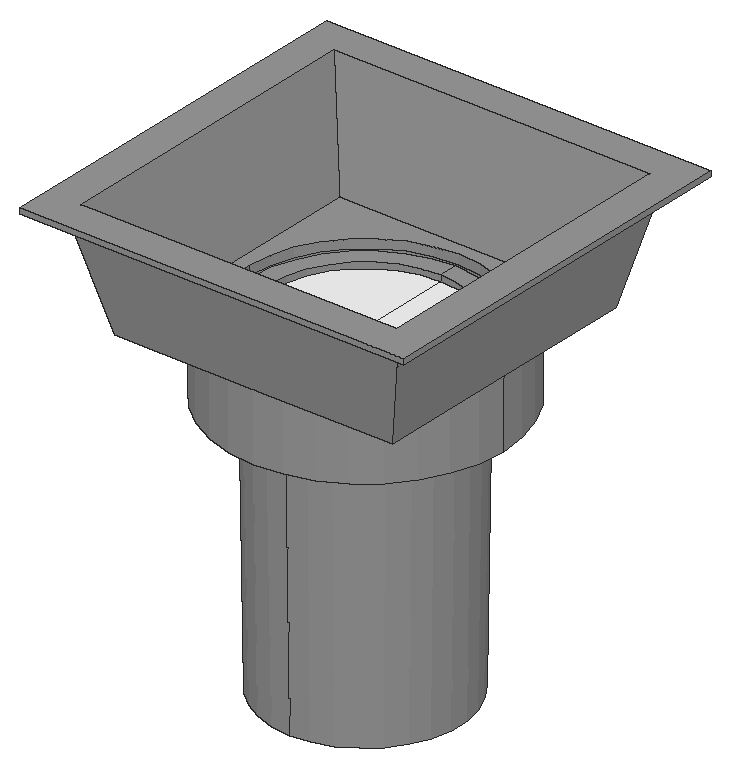
Revit family "0005319", category Lighting Fixtures, host Face, Revit 2017
Family settings
  Host = Face
  Round Connector Dimension = Use Diameter
  Part Type = Normal
  OmniClass Number = 23.80.70.00
  OmniClass Title = Lighting
  Cut with Voids When Loaded = No
  Light Source = No
  Shared = No
  Room Calculation Point = No
Parameters (values of type "0005319+0005306 Ludospot 50 Hous Sqr Deco 85 Tilt BLK+ Ludospot 50 940lm 940 WB DIM")
  Weight = "n/a"
  Wattage Comments = ""
  WarrantyStartDate [instance] = "n/a"
  WarrantyGuarantorParts = "n/a"
  WarrantyDurationUnit = "n/a"
  WarrantyDurationParts = "n/a"
  WarrantyDescription = "n/a"
  Voltage = 0 V
  URL = "http://www.sylvania-lighting.com"
  TypeName = "Ludospot 50 Hous Sqr Deco 85 Tilt BLK + Ludospot 50 940lm 940 WB DIM"
  TypeLamp_SYL = Ludospot 50 Modules : 0005306 Ludospot 50 940lm 940 WB DIM
  Type Image = <None>
  Type Comments = "n/a"
  SerialNumber [instance] = "n/a"
  RecessWidth_SYL = 75 mm
  Material_3_SYL = none
  PowerFactor = 0
  PowerConsumption = "n/a"
  NominalLength = 85 mm
  NominalHeight = 0 mm
  NominalDepth = 85 mm
  Name = "Ludospot 50 Hous Sqr Deco 85 Tilt BLK + Ludospot 50 940lm 940 WB DIM"
  ModelReference = Name  # "Ludospot 50 Hous Sqr Deco 85 Tilt BLK + Ludospot 50 940lm 940 WB DIM"
  ModelNumber = "0005319+0005306"
  Model = Name  # "Ludospot 50 Hous Sqr Deco 85 Tilt BLK + Ludospot 50 940lm 940 WB DIM"
  Material = "aluminium housing"
  ManufacturerName = "Feilo Sylvania"
  Manufacturer = "Feilo Sylvania"
  LuminousEfficacy = "n/a"
  LuminaireType = ""
  LightOutputRatio = "n/a"
  LampsType = Lamp  # "LED"
  LampNominalLuminous = "n/a"
  LampMacAdamStep = "n/a"
  LampColourTemperature = "n/a"
  LampColourRenderingIndex = "n/a"
  Lamp = "LED"
  Keynote = "16500"
  InstallationDate [instance] = "n/a"
  InputVoltage = "n/a"
  InputNominalFrequency = "n/a"
  IngressProtection = "IP20"
  ImpactProtectionIndex = "IK03"
  IfcExportType = "IfcLightFixtureType"
  IfcExportAs = "IfcLightFixtureType"
  VerticalRotation_SYL [instance] = 0.00°
  EndAngleV_SYL [instance] = VerticalRotation_SYL + 180.00°  # 180.00°
  ElectricShockClassification = "n/a"
  DocumentationLiterature = "http://www.sylvania-lighting.com/product/en-int/products/0005319"
  DimmingControlOptions = "n/a"
  Material_2_SYL = Plastic, Opaque Black
  Description = ""
  Default Elevation = 1219.2 mm
  CreatedOn = "7/29/2019"
  CreatedBy = "@sylvania-lighting.com"
  Cost = 0
  built-in parameter 1114216 [instance] = (empty or 0)
  ClassificationValue = "EF_70_80"
  ClassificationName = "Uniclass2015"
  Material_1_SYL = PC/ABS Plastic
  BarCode [instance] = "n/a"
  AssetType = "Fixed"
  AssetIdentifier [instance] = "n/a"
  Assembly Code = "D5020200"
  Apparent Load = 0 VA
  Material_4_SYL = none
Types (6, lengths in mm): name | TypeName | TypeLamp_SYL | Name | ModelReference | ModelNumber | Model
  0005319+0005306 Ludospot 50 Hous Sqr Deco 85 Tilt BLK+ Ludospot 50 940lm 940 WB DIM | "Ludospot 50 Hous Sqr Deco 85 Tilt BLK + Ludospot 50 940lm 940 WB DIM" | Ludospot 50 Modules : 0005306 Ludospot 50 940lm 940 WB DIM | "Ludospot 50 Hous Sqr Deco 85 Tilt BLK + Ludospot 50 940lm 940 WB DIM" | "Ludospot 50 Hous Sqr Deco 85 Tilt BLK + Ludospot 50 940lm 940 WB DIM" | "0005319+0005306" | "Ludospot 50 Hous Sqr Deco 85 Tilt BLK + Ludospot 50 940lm 940 WB DIM"
  0005319+0005305 Ludospot 50 Hous Sqr Deco 85 Tilt BLK+ Ludospot 50 920lm 930 WB DIM | "Ludospot 50 Hous Sqr Deco 85 Tilt BLK + Ludospot 50 920lm 930 WB DIM" | Ludospot 50 Modules : 0005305 Ludospot 50 920lm 940 WB DIM | "Ludospot 50 Hous Sqr Deco 85 Tilt BLK + Ludospot 50 920lm 930 WB DIM" | "Ludospot 50 Hous Sqr Deco 85 Tilt BLK + Ludospot 50 920lm 930 WB DIM" | "0005319+0005305" | "Ludospot 50 Hous Sqr Deco 85 Tilt BLK + Ludospot 50 920lm 930 WB DIM"
  0005319+0005304 Ludospot 50 Hous Sqr Deco 85 Tilt BLK+ Ludospot 50 1000lm 940 MB DIM | "Ludospot 50 Hous Sqr Deco 85 Tilt BLK + Ludospot 50 1000lm 940 MB DIM" | Ludospot 50 Modules : 0005304 Ludospot 50 1000lm 940 MB DIM | "Ludospot 50 Hous Sqr Deco 85 Tilt BLK + Ludospot 50 1000lm 940 MB DIM" | "Ludospot 50 Hous Sqr Deco 85 Tilt BLK + Ludospot 50 1000lm 940 MB DIM" | "0005319+0005304" | "Ludospot 50 Hous Sqr Deco 85 Tilt BLK + Ludospot 50 1000lm 940 MB DIM"
  0005319+0005303 Ludospot 50 Hous Sqr Deco 85 Tilt BLK+ Ludospot 50 950lm 930 MB DIM | "Ludospot 50 Hous Sqr Deco 85 Tilt BLK + Ludospot 50 950lm 930 MB DIM" | Ludospot 50 Modules : 0005303 Ludospot 50 950lm 930 MB DIM | "Ludospot 50 Hous Sqr Deco 85 Tilt BLK + Ludospot 50 950lm 930 MB DIM" | "Ludospot 50 Hous Sqr Deco 85 Tilt BLK + Ludospot 50 950lm 930 MB DIM" | "0005319+0005303" | "Ludospot 50 Hous Sqr Deco 85 Tilt BLK + Ludospot 50 950lm 930 MB DIM"
  0005319+0005302 Ludospot 50 Hous Sqr Deco 85 Tilt BLK+ Ludospot 50 990lm 940 NB DIM | "Ludospot 50 Hous Sqr Deco 85 Tilt BLK + Ludospot 50 990lm 940 NB DIM" | Ludospot 50 Modules : 0005302 Ludospot 50 990lm 930 NB DIM | "Ludospot 50 Hous Sqr Deco 85 Tilt BLK + Ludospot 50 990lm 940 NB DIM" | "Ludospot 50 Hous Sqr Deco 85 Tilt BLK + Ludospot 50 990lm 940 NB DIM" | "0005319+0005302" | "Ludospot 50 Hous Sqr Deco 85 Tilt BLK + Ludospot 50 990lm 940 NB DIM"
  0005319+0005301 Ludospot 50 Hous Sqr Deco 85 Tilt BLK+ Ludospot 50 950lm 930 NB DIM | "Ludospot 50 Hous Sqr Deco 85 Tilt BLK + Ludospot 50 950lm 930 NB DIM" | Ludospot 50 Modules : 0005301 Ludospot 50 950lm 930 NB DIM | "Ludospot 50 Hous Sqr Deco 85 Tilt BLK + Ludospot 50 950lm 930 NB DIM" | "Ludospot 50 Hous Sqr Deco 85 Tilt BLK + Ludospot 50 950lm 930 NB DIM" | "0005319+0005301" | "Ludospot 50 Hous Sqr Deco 85 Tilt BLK + Ludospot 50 950lm 930 NB DIM"
Reference planes
  plane 1 "Center (Front/Back)": y = 0
  plane 2: z = 0
  plane 3 "Center (Left/Right)": x = 0
  plane 4: z = -150
  plane 5: z = 0
  plane 6: z = -400
  plane 7: y = 42.5
  plane 8: y = -42.5
  plane 9: x = -42.5
  plane 10: x = 42.5
  plane 11: z = 1.2
  plane 12: y = 35
  plane 13: y = -35
  plane 14: x = -35
  plane 15: x = 35
  plane 16: y = 35
  plane 17: y = 28.8
  plane 18: y = -28.8
  plane 19: x = -28.8
  plane 20: x = 28.8
  plane 21: z = -23
  plane 22: y = 36.9
  plane 23: y = -36.9
  plane 24: x = -36.9
  plane 25: x = 36.9
  plane 26: x = 30.8
  plane 27: x = -30.8
  plane 28: y = 30.8
  plane 29: y = -30.8
  plane 30: z = -25
  plane 31: z = -40
  plane 32: x = -25.8
Forms (mm)
  Extrusion 1, void
    sketch origin (1223.4, -4572, -87.5) x (0, -1, 0) y (1, 0, 0)
      loop
        line (-4609.5, -1260.9) -> (-4534.5, -1260.9) -> (-4534.5, -1185.9) -> (-4609.5, -1185.9) -> (-4609.5, -1260.9)
    from 87.5 to -62.5
  Extrusion 2, solid, material "PC/ABS Plastic" <- "Material_1_SYL"
    sketch origin (0, 0, 0) x (1, 0, 0) y (0, 1, 0)
      loop
        line (-42.5, 42.5) -> (-42.5, -42.5) -> (42.5, -42.5) -> (42.5, 42.5) -> (-42.5, 42.5)
    from 0 to 1.2
  Blend 3, solid, material "PC/ABS Plastic" <- "Material_1_SYL"
    base sketch origin (1223.4, -4572, 2.5) x (0, -1, 0) y (1, 0, 0)
      loop
        line (-4608.9, -1260.3) -> (-4535.1, -1260.3) -> (-4535.1, -1186.5) -> (-4608.9, -1186.5) -> (-4608.9, -1260.3)
    top sketch origin (1223.4, -4572, 2.5) x (0, -1, 0) y (1, 0, 0)
      loop
        line (-4602.8, -1254.2) -> (-4541.2, -1254.2) -> (-4541.2, -1192.6) -> (-4602.8, -1192.6) -> (-4602.8, -1254.2)
    from -2.5 to -27.5
  Blend 4, void
    base sketch origin (178.584, -4572, 1.2) x (-1, 0, 0) y (0, -1, 0)
      loop
        line (213.584, -4607) -> (213.584, -4537) -> (143.584, -4537) -> (143.584, -4607) -> (213.584, -4607)
    top sketch origin (178.584, -4572, 1.2) x (-1, 0, 0) y (0, -1, 0)
      loop
        line (207.384, -4600.8) -> (207.384, -4543.2) -> (149.784, -4543.2) -> (149.784, -4600.8) -> (207.384, -4600.8)
    from 0 to -24.2
  Revolve 5, solid, material "PC/ABS Plastic" <- "Material_1_SYL"
    sketch origin (0, 0, 0) x (1, 0, 0) y (0, 0, 1)
      loop
        line (-28.8, -40) -> (-28.8, -25) -> (-30.8, -25) -> (-30.8, -40) -> (-28.8, -40)
      axis (0, -25) -> (0, -40)
    angle from 360 to 0
  Revolve 6, void
    sketch origin (0, 0, 0) x (1, 0, 0) y (0, 0, 1)
      loop
        line (0, -25) -> (0, -23) -> (-25.8, -23) -> (-25.8, -25) -> (0, -25)
      axis (0, -23) -> (0, -25)
    angle from 360 to 0
  Revolve 7, solid, not visible
    sketch origin (178.584, -4572, -25) x (0, -1, 0) y (1, 0, 0)
      loop
        line (-4572, -178.584) -> (-4582, -178.584) -> (-4582, -183.584) -> (-4572, -183.584) -> (-4572, -178.584)
      axis (-4582, -178.584) -> (-4572, -178.584)
    angle from 0 <- "VerticalRotation_SYL" to 180 <- "EndAngleV_SYL"
Cuts and joins
  Blend 4, Revolve 6 cuts Extrusion 2
  Blend 4, Revolve 6 cuts Blend 3
  joined: Extrusion 2, Blend 3, Revolve 5
Lines and regions (mm)
  reference lines
    curve 1: line (37.5, -37.5, 2.5) -> (-37.5, -37.5, 2.5)
    curve 2: line (-37.5, -37.5, 2.5) -> (-37.5, 37.5, 2.5)
    curve 3: line (-37.5, 37.5, 2.5) -> (37.5, 37.5, 2.5)
    curve 4: line (37.5, 37.5, 2.5) -> (37.5, -37.5, 2.5)
Dimensions and locks
  equal spacing: host sketch curve, plane 1 "Center (Front/Back)", host sketch curve
  equal spacing: host sketch curve, plane 3 "Center (Left/Right)", host sketch curve
  equal spacing: curve 2, plane 3 "Center (Left/Right)", curve 4
  equal spacing: curve 1, plane 1 "Center (Front/Back)", curve 3
  "RecessWidth_SYL": curve 2 to curve 4
  "RecessWidth_SYL": curve 1 to curve 3
  locked: plane 2 to plane 4 at 150
  equal spacing: plane 9, plane 3 "Center (Left/Right)", plane 10
  locked: plane 9 to plane 10 at 85
  equal spacing: plane 8, plane 1 "Center (Front/Back)", plane 7
  locked: plane 8 to plane 7 at 85
  locked: plane 11 to plane 5 at 1.2
  equal spacing: plane 19, plane 3 "Center (Left/Right)", plane 20
  locked: plane 19 to plane 20 at 57.6
  equal spacing: plane 18, plane 1 "Center (Front/Back)", plane 17
  locked: plane 18 to plane 17 at 57.6
  locked: plane 11 to plane 21 at 24.2
  equal spacing: plane 23, plane 1 "Center (Front/Back)", plane 22
  locked: plane 23 to plane 22 at 73.8
  equal spacing: plane 24, plane 3 "Center (Left/Right)", plane 25
  locked: plane 24 to plane 25 at 73.8
  equal spacing: plane 14, plane 3 "Center (Left/Right)", plane 15
  locked: plane 14 to plane 15 at 70
  equal spacing: plane 13, plane 1 "Center (Front/Back)", plane 16
  locked: plane 13 to plane 16 at 70
  equal spacing: plane 27, plane 3 "Center (Left/Right)", plane 26
  locked: plane 27 to plane 26 at 61.6
  equal spacing: plane 29, plane 1 "Center (Front/Back)", plane 28
  locked: plane 29 to plane 28 at 61.6
  locked: plane 11 to plane 30 at 26.2
  locked: plane 30 to plane 31 at 15
  locked: plane 32 to plane 19 at 3
  aligned and locked: plane 2 to host face
  aligned and locked: level to host face
  aligned and locked: Extrusion 1 sketch curve to curve 3
  aligned and locked: Extrusion 1 sketch curve to curve 4
  aligned and locked: Extrusion 1 sketch curve to curve 1
  aligned and locked: Extrusion 1 sketch curve to curve 2
  aligned and locked: level to Extrusion 1
  aligned and locked: plane 4 to Extrusion 1
  aligned and locked: Extrusion 2 sketch curve to plane 7
  aligned and locked: Extrusion 2 sketch curve to plane 9
  aligned and locked: plane 8 to Extrusion 2 sketch curve
  aligned and locked: plane 10 to Extrusion 2 sketch curve
  aligned and locked: Extrusion 2 to plane 11
  aligned and locked: Extrusion 2 to level
  aligned and locked: Blend 3 sketch curve to plane 22
  aligned and locked: Blend 3 sketch curve to plane 24
  aligned and locked: plane 23 to Blend 3 sketch curve
  aligned and locked: plane 25 to Blend 3 sketch curve
  aligned and locked: Blend 3 sketch curve to plane 28
  aligned and locked: plane 29 to Blend 3 sketch curve
  aligned and locked: plane 27 to Blend 3 sketch curve
  aligned and locked: Blend 3 sketch curve to plane 26
  aligned and locked: level to Blend 3
  aligned and locked: plane 30 to Blend 3
  aligned and locked: plane 12 to Blend 4 sketch curve
  aligned and locked: plane 14 to Blend 4 sketch curve
  aligned and locked: Blend 4 sketch curve to plane 13
  aligned and locked: Blend 4 sketch curve to plane 15
  aligned and locked: plane 17 to Blend 4 sketch curve
  aligned and locked: plane 19 to Blend 4 sketch curve
  aligned and locked: Blend 4 sketch curve to plane 18
  aligned and locked: Blend 4 sketch curve to plane 20
  aligned and locked: plane 21 to Blend 4
  aligned and locked: Blend 4 to plane 11
  aligned and locked: Revolve 5 sketch curve to plane 3 "Center (Left/Right)"
  aligned and locked: Revolve 5 sketch curve to plane 31
  aligned and locked: Revolve 5 sketch curve to plane 19
  aligned and locked: Revolve 5 sketch curve to cut or joined group of Extrusion 2, Blend 3, Blend 4, Revolve 5, Revolve 6  (x2)
  aligned and locked: Revolve 6 sketch curve to plane 3 "Center (Left/Right)"  (x2)
  aligned and locked: Revolve 6 sketch curve to cut or joined group of Extrusion 2, Blend 3, Blend 4, Revolve 5, Revolve 6
  aligned and locked: plane 1 "Center (Front/Back)" to Revolve 7 sketch curve
  aligned and locked: plane 3 "Center (Left/Right)" to Revolve 7 sketch curve
  aligned and locked: Revolve 7 sketch curve to plane 3 "Center (Left/Right)"
  aligned and locked: plane 32 to Revolve 6 sketch curve
  aligned and locked: plane 1 "Center (Front/Back)" to nested 1
Automatic sketch dimensions
  plane 6 to Revolve 5 sketch curve = 209.6 mm
  Revolve 5 sketch curve to plane 11 = 2607.858 mm
  Revolve 7 sketch curve to plane 1 "Center (Front/Back)" = 10 mm
  Revolve 7 sketch curve to plane 3 "Center (Left/Right)" = 5 mm
  Revolve 7 sketch curve to plane 7 = 1481.5 mm
  plane 8 to Revolve 7 sketch curve = 1481.5 mm
  Revolve 6 sketch curve to plane 21 = 0 mm
  plane 6 to Revolve 6 sketch curve = 209.6 mm
  Revolve 6 sketch curve to plane 11 = 2607.858 mm
Nested families
  nested 1: "Ludospot 50 Modules" at (0, 0, -25) x (0, -1, 0) z (0, 0, 1), type <- "TypeLamp_SYL", type "0005306 Ludospot 50 940lm 940 WB DIM"
    with WarrantyStartDate "n/a", SerialNumber "n/a", InstallationDate "n/a", built-in parameter 1114216 (empty or 0), BarCode "n/a", AssetIdentifier "n/a"
Definition of nested family "Ludospot 50 Modules"
  Parameters (values of type "0005305 Ludospot 50 920lm 940 WB DIM")
    Weight = ""
    Wattage Comments = ""
    Wattage = 12 W
    WarrantyStartDate [instance] = "n/a"
    WarrantyGuarantorParts = "n/a"
    WarrantyDurationUnit = "n/a"
    WarrantyDurationParts = "n/a"
    WarrantyDescription = "n/a"
    built-in parameter 1150110 = 1 (stored number, unit not read)
    Voltage = 220 V
    URL = "http://www.sylvania-lighting.com"
    TypeName = "Ludospot 50 920lm 940 WB DIM"
    Type Image = (empty or 0)
    Type Comments = "n/a"
    built-in parameter 1114217 = 1 (stored number, unit not read)
    Tilt Angle = -90.00°
    built-in parameter 1150109 = 1 (stored number, unit not read)
    built-in parameter 1150134 = (empty or 0)
    built-in parameter 1150113 = 1 (stored number, unit not read)
    SerialNumber [instance] = "n/a"
    Photometric Web File = "0005305.ies"
    Material_3_SYL = none
    PowerFactor = 0.9
    PowerConsumption = "12 W"
    NominalLength = 50 mm
    NominalHeight = 73 mm
    NominalDepth = 50 mm
    Name = "0005305 Ludospot 50 920lm 940 WB DIM"
    ModelReference = Name  # "0005305 Ludospot 50 920lm 940 WB DIM"
    ModelNumber = "0005305"
    Model = Name  # "0005305 Ludospot 50 920lm 940 WB DIM"
    Material = "aluminium housing"
    ManufacturerName = "Feilo Sylvania"
    Manufacturer = "Feilo Sylvania"
    LuminousEfficacy = "77 lm/W"
    built-in parameter 1150105 = 73.53 (stored number, unit not read)
    Lumens = 924 lm
    LuminaireType = ""
    built-in parameter 1150115 = 1 (stored number, unit not read)
    LightOutputRatio = ""
    built-in parameter 1150137 = (empty or 0)
    built-in parameter 1150139 = (empty or 0)
    LampsType = Lamp  # "LED"
    LampNominalLuminous = "920 lm"
    LampMacAdamStep = "3"
    LampColourTemperature = "3000 K"
    LampColourRenderingIndex = "90"
    built-in parameter 1150112 = 1 (stored number, unit not read)
    built-in parameter 1150114 = 1 (stored number, unit not read)
    Lamp = "LED"
    Keynote = "16500"
    InstallationDate [instance] = "n/a"
    InputVoltage = "220-240 V AC"
    InputNominalFrequency = "50/60 HZ"
    built-in parameter 1150132 = (empty or 0)
    built-in parameter 1150102 = (empty or 0)
    built-in parameter 1150107 = 3000 (stored number, unit not read)
    built-in parameter 1150138 = (empty or 0)
    IngressProtection = "IP44/20"
    ImpactProtectionIndex = "IK03"
    built-in parameter 1150106 = 0.7353 (stored number, unit not read)
    IfcExportType = "IfcLightFixtureType"
    IfcExportAs = "IfcLightFixtureType"
    Emit from Circle Diameter = 40 mm
    Emit Shape Visible in Rendering = no
    ElectricShockClassification = "Class II"
    built-in parameter 1150104 = 7.1535 (stored number, unit not read)
    DocumentationLiterature = "https://www.sylvania-lighting.com/product/en-int/products/0005305/"
    DimmingControlOptions = "Mains: leading / trailing edge"
    Material_2_SYL = none
    Dimming Lamp Color Temperature Shift = (empty or 0)
    Description = ""
    Default Elevation = 1219.2 mm
    CreatedOn = ""
    CreatedBy = ""
    Cost = 0
    Color Filter = 16777215
    built-in parameter 1114216 [instance] = (empty or 0)
    ClassificationValue = "EF_70_80"
    ClassificationName = "Uniclass2015"
    Material_1_SYL = none
    BarCode [instance] = "n/a"
    built-in parameter 1114218 = 1 (stored number, unit not read)
    built-in parameter 1150133 = 10 (stored number, unit not read)
    AssetType = ""
    AssetIdentifier [instance] = "n/a"
    Assembly Code = "D5020200"
    Apparent Load = 12 VA
    Material_4_SYL = none
  Types (6, lengths in mm): name | TypeName | built-in parameter 1150134 | Photometric Web File | Name | ModelReference | ModelNumber | Model | LuminousEfficacy | built-in parameter 1150105 | Lumens | LampNominalLuminous | LampColourTemperature | built-in parameter 1150107 | built-in parameter 1150106 | built-in parameter 1150104 | DocumentationLiterature
    0005305 Ludospot 50 920lm 940 WB DIM | "Ludospot 50 920lm 940 WB DIM" | (empty or 0) | "0005305.ies" | "0005305 Ludospot 50 920lm 940 WB DIM" | "0005305 Ludospot 50 920lm 940 WB DIM" | "0005305" | "0005305 Ludospot 50 920lm 940 WB DIM" | "77 lm/W" | 73.53 (stored number, unit not read) | 924 lm | "920 lm" | "3000 K" | 3000 (stored number, unit not read) | 0.7353 (stored number, unit not read) | 7.1535 (stored number, unit not read) | "https://www.sylvania-lighting.com/product/en-int/products/0005305/"
    0005304 Ludospot 50 1000lm 940 MB DIM | "Ludospot 50 1000lm 940 MB DIM" | 12 | "0005304.ies" | "0005304 Ludospot 50 1000lm 940 MB DIM" | "0005304 Ludospot 50 1000lm 940 MB DIM" | "0005304" | "0005304 Ludospot 50 1000lm 940 MB DIM" | "83 lm/W" | 79.259 (stored number, unit not read) | 996 lm | "950 lm" | "4000 K" | 4000 (stored number, unit not read) | 0.79259 (stored number, unit not read) | 7.711 (stored number, unit not read) | "https://www.sylvania-lighting.com/product/en-int/products/0005304/"
    0005303 Ludospot 50 950lm 930 MB DIM | "Ludospot 50 950lm 930 MB DIM" | (empty or 0) | "0005303.ies" | "0005303 Ludospot 50 950lm 930 MB DIM" | "0005303 Ludospot 50 950lm 930 MB DIM" | "0005303" | "0005303 Ludospot 50 950lm 930 MB DIM" | "80 lm/W" | 76.394 (stored number, unit not read) | 960 lm | "1000 lm" | "3000 K" | 3000 (stored number, unit not read) | 0.76394 (stored number, unit not read) | 7.4322 (stored number, unit not read) | "https://www.sylvania-lighting.com/product/en-int/products/0005303/"
    0005302 Ludospot 50 990lm 930 NB DIM | "Ludospot 50 990lm 930 NB DIM" | 12 | "0005302.ies" | "0005302 Ludospot 50 990lm 930 NB DIM" | "0005302 Ludospot 50 990lm 930 NB DIM" | "0005302" | "0005302 Ludospot 50 990lm 930 NB DIM" | "83 lm/W" | 79.259 (stored number, unit not read) | 996 lm | "990 lm" | "4000 K" | 4000 (stored number, unit not read) | 0.79259 (stored number, unit not read) | 7.711 (stored number, unit not read) | "https://www.sylvania-lighting.com/product/en-int/products/0005302/"
    0005301 Ludospot 50 950lm 930 NB DIM | "Ludospot 50 950lm 930 NB DIM" | (empty or 0) | "0005301.ies" | "0005301 Ludospot 50 950lm 930 NB DIM" | "0005301 Ludospot 50 950lm 930 NB DIM" | "0005301" | "0005301 Ludospot 50 950lm 930 NB DIM" | "80 lm/W" | 76.394 (stored number, unit not read) | 960 lm | "950 lm" | "3000 K" | 3000 (stored number, unit not read) | 0.76394 (stored number, unit not read) | 7.4322 (stored number, unit not read) | "https://www.sylvania-lighting.com/product/en-int/products/0005301/"
    0005306 Ludospot 50 940lm 940 WB DIM | "Ludospot 50 940lm 940 WB DIM" | 12 | "0005306.ies" | "0005306 Ludospot 50 940lm 940 WB DIM" | "0005306 Ludospot 50 940lm 940 WB DIM" | "0005306" | "0005306 Ludospot 50 940lm 940 WB DIM" | "78 lm/W" | 74.485 (stored number, unit not read) | 936 lm | "940 lm" | "4000 K" | 4000 (stored number, unit not read) | 0.74485 (stored number, unit not read) | 7.2464 (stored number, unit not read) | "https://www.sylvania-lighting.com/product/en-int/products/0005306/"
  Reference planes
    plane 1 "Center (Front/Back)": y = 0
    plane 2: z = 0
    plane 3 "Center (Left/Right)": x = 0
    plane 4: x = -25
    plane 5: z = -2.7
    plane 6: x = -23.6
    plane 7: z = -3.7
    plane 8: z = -12.7
    plane 9: z = -25.7
    plane 10: x = -22
    plane 11: z = -73
    plane 12: x = -21
    plane 13: z = -1.3
  Forms (mm)
    Extrusion 1, solid
      sketch origin (4.2, 0, 0) x (1, 0, 0) y (0, 1, 0)
        loop
          line (-1219.2, 1219.2) -> (-1219.2, -1219.2) -> (1219.2, -1219.2) -> (1219.2, 1219.2) -> (-1219.2, 1219.2)
      from 0 to -68.017
    Revolve 2, solid, material <- "Material_1_SYL"
      sketch origin (0, 0, 0) x (1, 0, 0) y (0, 0, 1)
        loop
          line (-25, 0) -> (-25, -2.7) -> (-23.6, -2.7) -> (-23.6, -3.7) -> (-22, -12.7) -> (-21, -73) -> (0, -73) -> (0, -1.3) -> (-21, -1.3) -> (-21, 0) -> (-25, 0)
        axis (0, 0) -> (0, -73)
      angle from 360 to 0
  Dimensions and locks
    locked: plane 3 "Center (Left/Right)" to plane 4 at 25
    locked: plane 3 "Center (Left/Right)" to plane 6 at 23.6
    locked: plane 7 to plane 8 at 9
    locked: plane 3 "Center (Left/Right)" to plane 10 at 22
    locked: plane 2 to plane 11 at 73
    locked: plane 3 "Center (Left/Right)" to plane 12 at 21
    plane 2 to plane 13 to plane 5 to plane 7 = 1.3 mm locked, 1.4 mm locked, 1 mm locked
    aligned and locked: plane 2 to Extrusion 1
    aligned and locked: level to Extrusion 1
    aligned and locked: Revolve 2 sketch curve to plane 4
    aligned and locked: plane 5 to Revolve 2 sketch curve
    aligned and locked: Revolve 2 sketch curve to plane 6
    aligned and locked: plane 8 to Revolve 2 sketch curve
    aligned and locked: plane 12 to Revolve 2 sketch curve  (x2)
    aligned and locked: plane 11 to Revolve 2 sketch curve
    aligned and locked: plane 3 "Center (Left/Right)" to Revolve 2 sketch curve
    aligned and locked: Revolve 2 sketch curve to level
    aligned and locked: plane 13 to Revolve 2 sketch curve  (x2)
    aligned and locked: Revolve 2 sketch curve to plane 12
    aligned and locked: level to imposter light
    aligned and locked: plane 3 "Center (Left/Right)" to imposter light
    aligned and locked: imposter light to plane 1 "Center (Front/Back)"
  Connectors
    electrical at (0, 0, -73), driven by "PowerFactor", driven by "Voltage", driven by "Apparent Load"
      settings: on Revolve 2, index 1, voltage 220 V, apparent load 12 VA, apparent load phase1 0 VA, apparent load phase2 0 VA, apparent load phase3 0 VA, power factor 0.9, load classification none, number of poles 1, system type 30, power factor state 1, is connector primary yes, connector utility no, sub classification motor no, connector description ""
